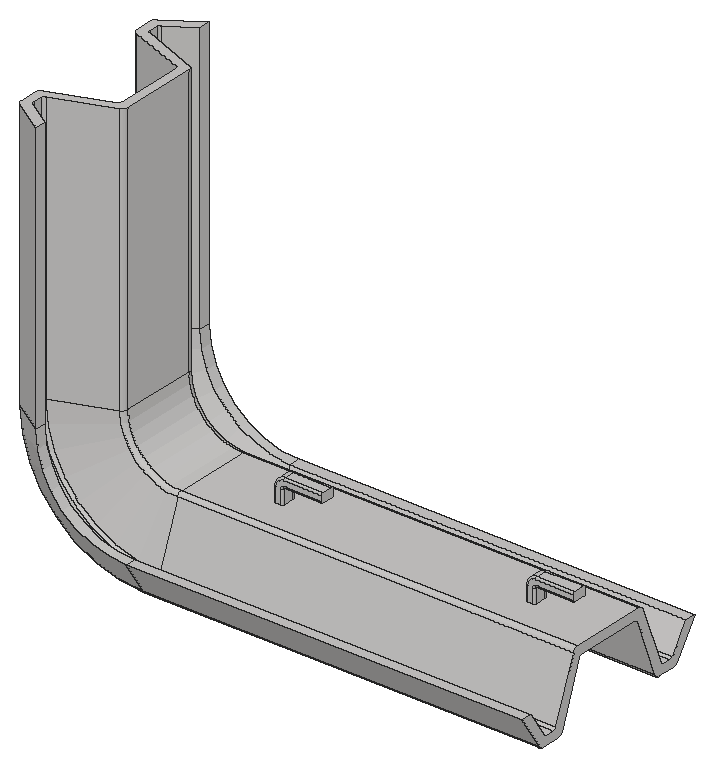
Revit family "E_Cable Tray Support_MEPcontent_OBO Bettermann_Bracket TPSAG FS", category Cable Tray Fittings, Revit 2015
Parameters (values of type "TPSAG 145 FS")
  Wholesaler Art. No. = ""
  Wholesaler = ""
  Watermarked By = "www.stabiplan.com"
  Width 1 = 145.00 mm
  Width = Width 1  # 145 mm
  URL = "www.stabiplan.com"
  Tray Height [instance] = 60.00 mm
  built-in parameter 1140111 [instance] = 2.50 mm  # 0.0082021 (stored number, unit not read)
  Stabu Code = ""
  Revit Version = "2015"  # constant formula
  MEPcontent Class = "CABLE_TRAY_SUPPORT"  # constant formula
  Internal Art. No. = ""
  IFCExportType = "NOTDEFINED"  # constant formula
  IFCExportAs = "IfcCableCarrierFittingType"  # constant formula
  Function Code [instance] = ""
  Family Version = "10.14"  # constant formula
  ETIM Article Class = "EC000022"  # constant formula
  EMCS Version = "2.0"  # constant formula
  Copyright = "© Stabiplan International BV"  # constant formula
  Content Supplier URL = ""
  CB-NL Class = ""
  Article Type = if(and(Width = 145.00 mm, Height = 120.00 mm), "TPSAG 145 FS", if(and(Width = 195.00 mm, Height = 120.00 mm), "TPSAG 195 FS", if(and(Width = 245.00 mm, Height = 120.00 mm), "TPSAG 245 FS", if(and(Width = 345.00 mm, Height = 120.00 mm), "TPSAG 345 FS", "Unknown"))))  # "TPSAG 145 FS"
  Product Line = "OBO BETTERMANN CableTrays"  # constant formula
  Model = if(and(Width = 145.00 mm, Height = 120.00 mm), "TPSAG 145 FS", if(and(Width = 195.00 mm, Height = 120.00 mm), "TPSAG 195 FS", if(and(Width = 245.00 mm, Height = 120.00 mm), "TPSAG 245 FS", if(and(Width = 345.00 mm, Height = 120.00 mm), "TPSAG 345 FS", "Unknown"))))  # "TPSAG 145 FS"
  Manufacturer = "OBO BETTERMANN"  # constant formula
  Custom [instance] = if(and(Width = 145.00 mm, Height = 120.00 mm), 1 = 0, if(and(Width = 195.00 mm, Height = 120.00 mm), 1 = 0, if(and(Width = 245.00 mm, Height = 120.00 mm), 1 = 0, if(and(Width = 345.00 mm, Height = 120.00 mm), 1 = 0, 1 = 1))))  # no
  Half Tray Height [instance] = Tray Height / 2  # 30.00 mm
  Height 1 = 120.00 mm  # constant formula
  Height = Height 1  # 120 mm
  GTIN = if(and(Width = 145.00 mm, Height = 120.00 mm), "4012196627554", if(and(Width = 195.00 mm, Height = 120.00 mm), "4012196627615", if(and(Width = 245.00 mm, Height = 120.00 mm), "4012196545353", if(and(Width = 345.00 mm, Height = 120.00 mm), "4012196545292", "Unknown"))))  # "4012196627554"
  Description = "Wall and Ceiling Bracket"
  Depth = 60.00 mm  # constant formula
  Manufacturer URL = "http://catalog4.obo-bettermann.com/catalogue/catalogue.do?forward=showProductGroup&act=showIO&favOid=kts_6655&action=showManyProducts&lang=nl&OID=kts_6655&catId="
  Gray = Color RGB 189-187-185
  Manufacturer Art. No. = if(and(Width = 145.00 mm, Height = 120.00 mm), "6366015", if(and(Width = 195.00 mm, Height = 120.00 mm), "6366023", if(and(Width = 245.00 mm, Height = 120.00 mm), "6366031", if(and(Width = 345.00 mm, Height = 120.00 mm), "6366066", "Unknown"))))  # "6366015"
  Article Description = "Wall and Ceiling Bracket"
Types (4, lengths in mm): name | Width 1 | Width | Article Type | Model | GTIN | Manufacturer Art. No.
  TPSAG 145 FS | 145.00 | 145 | "TPSAG 145 FS" | "TPSAG 145 FS" | "4012196627554" | "6366015"
  TPSAG 195 FS | 195.00 | 195 | "TPSAG 195 FS" | "TPSAG 195 FS" | "4012196627615" | "6366023"
  TPSAG 245 FS | 245.00 | 245 | "TPSAG 245 FS" | "TPSAG 245 FS" | "4012196545353" | "6366031"
  TPSAG 345 FS | 345.00 | 345 | "TPSAG 345 FS" | "TPSAG 345 FS" | "4012196545292" | "6366066"
Reference planes
  plane 1 "Center (Front/Back)": y = 0
  plane 2: z = 0
  plane 3 "Center (Left/Right)": x = 0
  plane 4: z = 70
  plane 5: z = -50
  plane 6: y = 30
  plane 7: y = -30
  plane 8: x = 52.5
  plane 9: x = -72.5
  plane 10: x = 47.5
  plane 11: x = 72.5
  plane 12: z = 50
  plane 13: x = -52.5
  plane 14: z = -30
  plane 15: z = 60
  plane 16: x = -62.5
  plane 17: z = -40
  plane 18: y = -10
  plane 19: y = 10
  plane 20: y = -23.34
  plane 21: y = -16.67
  plane 22: y = 23.34
  plane 23: y = 16.67
  plane 24: y = 12.5
  plane 25: y = -12.5
Forms (mm)
  Sweep 1, solid, material "Color RGB 189-187-185" <- "Gray", detail levels medium+fine
    path origin (0, 0, 0) x (1, 0, 0) y (0, 0, 1)
      loop
        line (72.5, -30) -> (-37.5, -30)
        arc (-37.5, -30) -> (-55.178, -22.678) -> (-62.5, -5) r 25
        line (-62.5, -5) -> (-62.5, 70)
    profile origin (17.5, 0, -30) x (0, 0, -1) y (0, -1, 0)
      loop
        line (0, -26.996) -> (0, -30) -> (9.331, -23.785)
        arc (9.331, -23.785) -> (9.822, -23.245) -> (10, -22.537) r 1.5
        line (10, -22.537) -> (10, -17.704)
        arc (10, -17.704) -> (9.735, -16.852) -> (9.034, -16.302) r 1.5
        line (9.034, -16.302) -> (-6.856, -10.245)
        arc (-6.856, -10.245) -> (-7.323, -9.878) -> (-7.5, -9.311) r 1
        line (-7.5, -9.311) -> (-7.5, 9.311)
        arc (-7.5, 9.311) -> (-7.323, 9.878) -> (-6.856, 10.245) r 1
        line (-6.856, 10.245) -> (9.034, 16.302)
        arc (9.034, 16.302) -> (9.735, 16.852) -> (10, 17.704) r 1.5
        line (10, 17.704) -> (10, 22.537)
        arc (10, 22.537) -> (9.822, 23.245) -> (9.331, 23.785) r 1.5
        line (9.331, 23.785) -> (0, 30) -> (0, 26.996) -> (7.054, 22.298)
        arc (7.054, 22.298) -> (7.382, 21.938) -> (7.5, 21.466) r 1
        line (7.5, 21.466) -> (7.5, 19.082)
        arc (7.5, 19.082) -> (7.323, 18.514) -> (6.856, 18.147) r 1
        line (6.856, 18.147) -> (-9.034, 12.091)
        arc (-9.034, 12.091) -> (-9.735, 11.54) -> (-10, 10.689) r 1.5
        line (-10, 10.689) -> (-10, -10.689)
        arc (-10, -10.689) -> (-9.735, -11.54) -> (-9.034, -12.091) r 1.5
        line (-9.034, -12.091) -> (6.856, -18.147)
        arc (6.856, -18.147) -> (7.323, -18.514) -> (7.5, -19.082) r 1
        line (7.5, -19.082) -> (7.5, -21.466)
        arc (7.5, -21.466) -> (7.382, -21.938) -> (7.054, -22.298) r 1
        line (7.054, -22.298) -> (0, -26.996)
  Sweep 2, solid, material "Color RGB 189-187-185" <- "Gray", detail levels medium+fine
    path origin (52.5, 0, 107.816) x (0, 0, 1) y (-1, 0, 0)
      loop
        line (-122.335, -12) -> (-122.335, -1.5)
        arc (-122.335, -1.5) -> (-122.774, -0.439) -> (-123.835, 0) r 1.5
        line (-123.835, 0) -> (-128.835, 0)
    profile origin (59.25, 0, -14.519) x (0, 0, -1) y (0, -1, 0)
      loop
        arc (-1.25, -1.5) -> (-1.104, -1.854) -> (-0.75, -2) r 0.5
        line (-0.75, -2) -> (0.75, -2)
        arc (0.75, -2) -> (1.104, -1.854) -> (1.25, -1.5) r 0.5
        line (1.25, -1.5) -> (1.25, 1.5)
        arc (1.25, 1.5) -> (1.104, 1.854) -> (0.75, 2) r 0.5
        line (0.75, 2) -> (-0.75, 2)
        arc (-0.75, 2) -> (-1.104, 1.854) -> (-1.25, 1.5) r 0.5
        line (-1.25, 1.5) -> (-1.25, -1.5)
  Sweep 3, solid, material "Color RGB 189-187-185" <- "Gray", detail levels medium+fine
    path origin (-32.5, 0, 107.816) x (0, 0, 1) y (-1, 0, 0)
      loop
        line (-122.335, -27) -> (-122.335, -16.5)
        arc (-122.335, -16.5) -> (-122.774, -15.439) -> (-123.835, -15) r 1.5
        line (-123.835, -15) -> (-128.835, -15)
    profile origin (-10.75, 0, -14.519) x (0, 0, -1) y (0, -1, 0)
      loop
        arc (-1.25, -1.5) -> (-1.104, -1.854) -> (-0.75, -2) r 0.5
        line (-0.75, -2) -> (0.75, -2)
        arc (0.75, -2) -> (1.104, -1.854) -> (1.25, -1.5) r 0.5
        line (1.25, -1.5) -> (1.25, 1.5)
        arc (1.25, 1.5) -> (1.104, 1.854) -> (0.75, 2) r 0.5
        line (0.75, 2) -> (-0.75, 2)
        arc (-0.75, 2) -> (-1.104, 1.854) -> (-1.25, 1.5) r 0.5
        line (-1.25, 1.5) -> (-1.25, -1.5)
Cuts and joins
  joined: Sweep 1, Sweep 2, Sweep 3
Lines and regions (mm)
  model lines, style "Fittings", detail levels coarse
    curve 1: line (72.5, 0, -40) -> (-62.5, 0, -40)
    curve 2: line (-62.5, 0, 70) -> (-62.5, 0, -40)
Dimensions and locks
  equal spacing: plane 6, plane 1 "Center (Front/Back)", plane 7
  "Depth": plane 6 to plane 7
  "Height": plane 4 to plane 5
  locked: plane 9 to plane 10 at 120
  equal spacing: plane 9, plane 3 "Center (Left/Right)", plane 11
  "Width": plane 9 to plane 11
  locked: plane 4 to plane 12 at 20
  locked: plane 9 to plane 13 at 20
  locked: plane 14 to plane 5 at 20
  equal spacing: plane 4, plane 15, plane 12
  equal spacing: plane 9, plane 16, plane 13
  equal spacing: plane 14, plane 17, plane 5
  equal spacing: plane 18, profile plane, plane 19
  locked: plane 18 to plane 19 at 20
  locked: plane 21 to plane 18 at 6.67
  equal spacing: plane 20, plane 21, plane 18
  plane 20 to plane 21 = 6.67 mm
  plane 22 to plane 23 = 6.67 mm
  equal spacing: plane 19, plane 23, plane 22
  plane 19 to plane 23 = 6.67 mm
  "Half Tray Height": level to plane 14
  locked: Sweep 2 sketch curve to Sweep 2 sketch curve at 12
  locked: Sweep 2 sketch curve to Sweep 2 sketch curve at 4
  locked: Sweep 2 sketch curve to Sweep 2 sketch curve at 2.5
  equal spacing: Sweep 2 sketch curve, profile plane, Sweep 2 sketch curve
  Sweep 2 sketch curve to Sweep 2 sketch curve = 4.00 mm
  Sweep 2 sketch curve to Sweep 2 sketch curve = 6.50 mm
  locked: plane 11 to Sweep 2 sketch curve at 20
  locked: Sweep 3 sketch curve to Sweep 3 sketch curve at 12
  locked: Sweep 3 sketch curve to Sweep 3 sketch curve at 4
  locked: Sweep 3 sketch curve to Sweep 3 sketch curve at 2.5
  equal spacing: Sweep 3 sketch curve, profile plane, Sweep 3 sketch curve
  Sweep 3 sketch curve to Sweep 3 sketch curve = 4.00 mm
  Sweep 3 sketch curve to Sweep 3 sketch curve = 6.50 mm
  locked: plane 9 to Sweep 3 sketch curve at 55
  radius of Sweep 1 sketch curve = 1.50 mm  (x7)
  radius of Sweep 1 sketch curve = 1.00 mm  (x6)
  radius of Sweep 1 sketch curve = 25.00 mm
  radius of Sweep 2 sketch curve = 1.50 mm
  radius of Sweep 3 sketch curve = 1.50 mm
  aligned and locked: level to plane 2
  aligned and locked: plane 17 to curve 2
  aligned and locked: plane 16 to curve 1
  aligned and locked: plane 11 to curve 1
  aligned and locked: plane 4 to Sweep 1 sketch curve
  aligned and locked: plane 16 to Sweep 1 sketch curve
  aligned and locked: plane 4 to curve 2
Automatic sketch dimensions
  Sweep 1 sketch curve to plane 11 = 0.00 mm
  Sweep 1 sketch curve to plane 14 = 0.00 mm
  Sweep 1 sketch curve to profile plane = 0.00 mm  (x2)
  plane 19 to Sweep 1 sketch curve = 0.689 mm
  profile plane to Sweep 1 sketch curve = 6.50 mm
  Sweep 1 sketch curve to plane 19 = 0.245 mm
  Sweep 1 sketch curve to plane 18 = 0.245 mm
  Sweep 1 sketch curve to Sweep 1 sketch curve = 0.356 mm
  Sweep 1 sketch curve to plane 19 = 0.689 mm
  Sweep 1 sketch curve to Sweep 1 sketch curve = 1.644 mm  (x2)
  Sweep 1 sketch curve to plane 24 = 0.409 mm
  Sweep 1 sketch curve to plane 25 = 0.409 mm
  Sweep 1 sketch curve to Sweep 1 sketch curve = 0.534 mm  (x3)
  Sweep 1 sketch curve to plane 21 = 2.412 mm
  Sweep 1 sketch curve to profile plane = 6.50 mm  (x2)
  Sweep 1 sketch curve to plane 23 = 2.412 mm
  Sweep 1 sketch curve to plane 23 = 1.477 mm
  Sweep 1 sketch curve to plane 21 = 1.477 mm
  plane 22 to Sweep 1 sketch curve = 1.042 mm
  Sweep 1 sketch curve to Sweep 1 sketch curve = 0.446 mm  (x2)
  plane 20 to Sweep 1 sketch curve = 1.042 mm
  Sweep 1 sketch curve to Sweep 1 sketch curve = 1.446 mm
  plane 21 to Sweep 1 sketch curve = 0.368 mm
  plane 23 to Sweep 1 sketch curve = 0.368 mm
  Sweep 1 sketch curve to plane 22 = 0.445 mm
  Sweep 1 sketch curve to Sweep 1 sketch curve = 0.669 mm  (x2)
  Sweep 1 sketch curve to plane 20 = 0.445 mm
  Sweep 1 sketch curve to plane 22 = 3.656 mm
  Sweep 1 sketch curve to Sweep 1 sketch curve = 3.004 mm  (x2)
  Sweep 1 sketch curve to plane 20 = 3.656 mm
  plane 14 to Sweep 2 sketch curve = 13.981 mm
  Sweep 2 sketch curve to Sweep 2 sketch curve = 0.50 mm  (x4)
  Sweep 2 sketch curve to profile plane = 2.00 mm
  plane 14 to Sweep 3 sketch curve = 13.981 mm
  Sweep 3 sketch curve to Sweep 3 sketch curve = 0.50 mm  (x4)
  Sweep 3 sketch curve to profile plane = 2.00 mm
